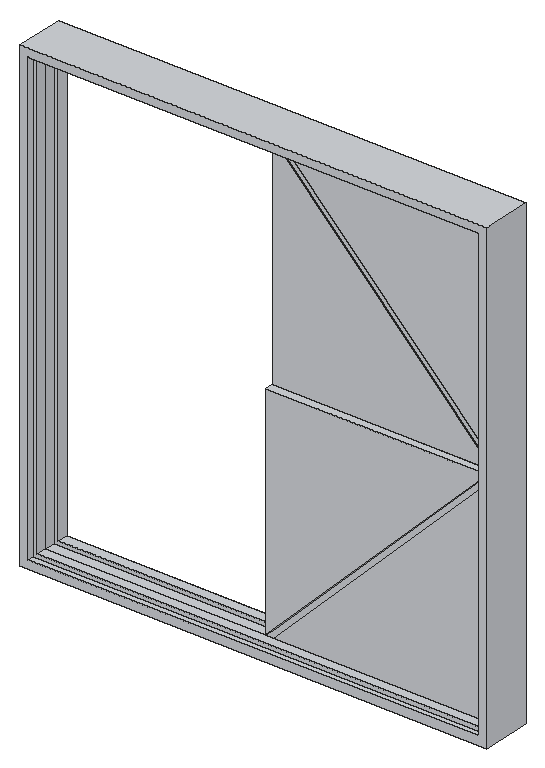
Revit family "DIM_Componento Apertura", category Generic Models, Revit 2018
Family settings
  Can host rebar = No
  Round Connector Dimension = Use Diameter
  Part Type = Normal
  Work Plane-Based = No
  Always vertical = Yes
  Cut with Voids When Loaded = No
  Shared = No
  Room Calculation Point = No
Parameters
  Thickness [instance] = 40 mm
  Rotation Angle = 0.00°
  L [instance] = 1100 mm
  Hight [instance] = L * 2  # 2200 mm
  Frame thickness [instance] = Thickness * 2  # 80 mm
  A [instance] = 90.00°
Reference planes
  plane 1 "Center (Front/Back)": y = 0
  plane 2: z = 0
  plane 3 "Center (Left/Right)": x = 0
  plane 4: z = 2200
  plane 5: x = -1100
  plane 6: x = 1100
Forms (mm)
  Extrusion 1, solid
    sketch origin (0, 0, 0) x (1, 0, 0) y (0, 0, 1)
      loop
        line (1100, 1100) -> (0, 1100) -> (0, 0) -> (1100, 0) -> (1100, 1100)
    from 0 to 40
  Extrusion 2, solid
    sketch origin (0, 0, 2200) x (1, 0, 0) y (0, 0, 1)
      loop
        line (0, 0) -> (0, -1100) -> (1100, -1100) -> (1100, 0) -> (0, 0)
    from 0 to -40
  Sweep 3, solid
    path origin (0, 0, 0) x (1, 0, 0) y (0, 0, 1)
      loop
        line (-1100, 0) -> (1100, 0) -> (1100, 2200) -> (-1100, 2200) -> (-1100, 0)
    profile origin (0, 0, 2200) x (0, 0, -1) y (0, -1, 0)
      loop
        line (0, 40) -> (20, 40) -> (20, 90) -> (0, 90) -> (0, 120) -> (-40, 120) -> (-40, -120) -> (0, -120) -> (0, -90) -> (20, -90) -> (20, -40) -> (0, -40) -> (0, 40)
  Extrusion 4, solid
    sketch origin (0, 0, 0) x (1, 0, 0) y (0, 0, 1)
      loop
        line (1100, 1080) -> (20, 0) -> (1100, 0) -> (1100, 1080)
      loop
        line (0, 20) -> (1080, 1100) -> (0, 1100) -> (0, 20)
    from -20 to 40
  Extrusion 5, solid
    sketch origin (0, 0, 2200) x (1, 0, 0) y (0, 0, 1)
      loop
        line (20, 0) -> (1100, -1080) -> (1100, 0) -> (20, 0)
      loop
        line (1080, -1100) -> (0, -20) -> (0, -1100) -> (1080, -1100)
    from 0 to -60
Lines and regions (mm)
  reference lines
    curve 1: line (0, 0, 0) -> (1637, 0, 0)
    curve 2: line (0, 0, 2200) -> (1878, 0, 2200)
    curve 3: line (0, 0, 0) -> (0, 0, 1100)
    curve 4: line (1100, 0, 0) -> (1100, 0, 722.214)
    curve 5: line (0, 0, 1100) -> (1100, 0, 1100)
    curve 6: line (0, 0, 2200) -> (0, 0, 1204)
    curve 7: line (1100, 0, 2200) -> (1100, 0, 1204)
    curve 8: line (0, 0, 1100) -> (905.214, 0, 1100)
Dimensions and locks
  "Hight": plane 4 to plane 2
  "L": curve 4 to curve 3
  "L": curve 1 to curve 5
  "Thickness": Extrusion 1 to curve 1
  "L": curve 6 to curve 7
  "L": curve 8 to curve 2
  "Thickness": Extrusion 2 to Extrusion 2
  "Thickness": Extrusion 2 to profile plane
  "Thickness": profile plane to Sweep 3 sketch curve
  "L": plane 3 "Center (Left/Right)" to plane 5
  "L": plane 6 to plane 3 "Center (Left/Right)"
  "Rotation Angle": angle level to curve 1
  "Rotation Angle": angle curve 2 to plane 4
  "A": angle curve 1 to curve 3
  "A": angle curve 1 to curve 4
  "A": angle curve 5 to curve 4
  "A": angle curve 6 to curve 2
  "A": angle curve 7 to curve 2
  "A": angle curve 6 to curve 8
  aligned and locked: level to plane 2
  aligned and locked: plane 3 "Center (Left/Right)" to curve 1
  aligned and locked: level to curve 1
  aligned and locked: plane 4 to curve 2
  aligned and locked: plane 3 "Center (Left/Right)" to curve 2
  aligned and locked: curve 3 to curve 1
  aligned and locked: curve 1 to curve 4
  aligned and locked: curve 5 to Extrusion 1 sketch curve
  aligned and locked: Extrusion 1 sketch curve to curve 4
  aligned and locked: Extrusion 1 sketch curve to curve 1
  aligned and locked: Extrusion 1 sketch curve to curve 3
  aligned and locked: plane 3 "Center (Left/Right)" to curve 6
  aligned and locked: plane 4 to curve 6
  aligned and locked: curve 2 to curve 7
  aligned and locked: curve 2 to Extrusion 2 sketch curve
  aligned and locked: Extrusion 2 sketch curve to curve 7
  aligned and locked: Extrusion 2 sketch curve to curve 8
  aligned and locked: Extrusion 2 sketch curve to curve 6
  aligned and locked: plane 1 "Center (Front/Back)" to Extrusion 2
  aligned and locked: plane 4 to Sweep 3 sketch curve  (x2)
  aligned and locked: Sweep 3 sketch curve to plane 4
  aligned and locked: plane 6 to Sweep 3 sketch curve
  aligned and locked: plane 5 to Sweep 3 sketch curve
  aligned and locked: Extrusion 4 sketch curve to Extrusion 1  (x4)
  aligned and locked: Extrusion 5 sketch curve to Extrusion 2  (x4)
Automatic sketch dimensions
  Sweep 3 sketch curve to level = 0 mm
  Sweep 3 sketch curve to plane 4 = 0 mm
  curve 1 to Extrusion 4 sketch curve = 20 mm  (x2)
  Extrusion 4 sketch curve to Extrusion 4 sketch curve = 20 mm  (x2)
  Extrusion 5 sketch curve to Extrusion 5 sketch curve = 20 mm  (x4)
  curve 3 to curve 1 = 0 mm
  profile plane to Sweep 3 sketch curve = 40 mm
  Sweep 3 sketch curve to profile plane = 20 mm  (x2)
  Sweep 3 sketch curve to plane 1 "Center (Front/Back)" = 40 mm
  Sweep 3 sketch curve to Sweep 3 sketch curve = 50 mm  (x2)
  Sweep 3 sketch curve to Sweep 3 sketch curve = 30 mm  (x2)
